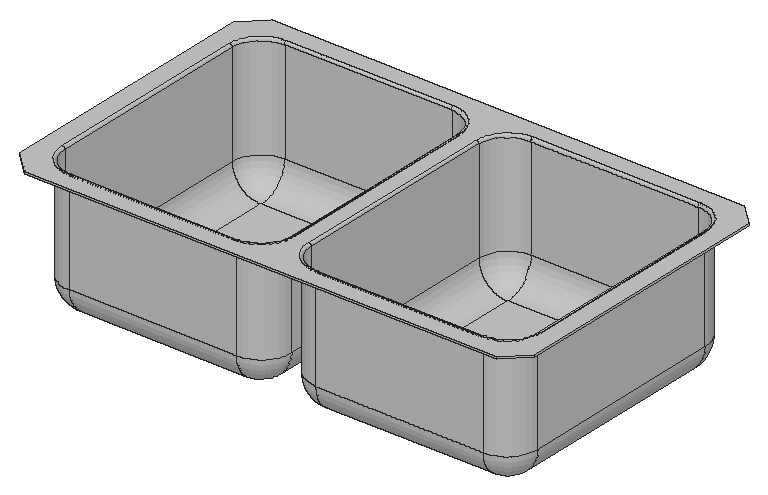
Revit family "Sink-Undermount-Acorn-DU-3118-80_Series", category Plumbing Fixtures, host Face, Revit 2019
Family settings
  Host = Face
  Round Connector Dimension = Use Diameter
  Part Type = Normal
  OmniClass Number = 23.45.05.14.14
  OmniClass Title = Sinks/Lavatories
  Cut with Voids When Loaded = No
  Shared = Yes
  Room Calculation Point = No
Parameters (values of type "DU-3118-80")
  Width = 30 3/4"  # constant formula
  Waste Connection = no
  WFU = 4  # constant formula
  Vent Connection = no
  URL = "https://www.acorneng.com/home"
  Type Comments = ""
  Product Page URL = ""
  Product Documentation Link = ""
  Model = "DU-3118-80"
  Material = "Stainless Steel-Acorn-Satin"  # constant formula
  Manufacturer = "Acorn"
  Length = 18 1/2"  # constant formula
  Installation Type = "Wall Mounted"
  Height = 8"
  HWFU = 3  # constant formula
  HW Connection = no
  Finish = Stainless Steel-Acorn-Satin
  Drain Opening Size = 3 1/2"
  Description = "Stainless Steel Undermount Sink"
  Default Elevation = 34"
  Creation Date = "23/12/2023"  # constant formula
  Compliance Certifications = "ASME A112.19.3/CSA B45.4, IAPMO® Certified"
  CWFU = 3  # constant formula
  CW Connection = no
  Bowl Width = 13 1/2"  # constant formula
  Bowl Length = 16"  # constant formula
  Assembly Code = "D2010440"
Reference planes (in)
  plane 1 "Center (Front/Back)": y = 0
  plane 2: z = 0
  plane 3 "Center (Left/Right)": x = 0
  plane 4: z = -8
  plane 5: z = 0
  plane 6: z = 0
  plane 7: z = 0
  plane 8: y = -18.5
  plane 9: y = -17.25
  plane 10: y = -1.25
  plane 11: y = -6.25
  plane 12: x = -7.375
  plane 13: x = 7.375
  plane 14: x = -15.375
  plane 15: x = 15.375
  plane 16: x = -14.125
  plane 17: x = -0.625
Forms (in)
  Extrusion 1, solid, material "Stainless Steel-Acorn-Satin" <- "Finish"
    sketch origin (-24.45094, 1.28976, -3.09717) x (1, 0, 0) y (0, 1, 0)
      loop
        circle (17.07594, -7.53976) r 1.75
      loop
        arc (12.07594, -4.22734) -> (12.03181, -4.24562) -> (12.01353, -4.28976) r 0.06242
        line (12.01353, -4.28976) -> (12.01353, -16.78976)
        arc (12.01353, -16.78976) -> (12.03181, -16.83389) -> (12.07594, -16.85218) r 0.06242
        line (12.07594, -16.85218) -> (22.07594, -16.85218)
        arc (22.07594, -16.85218) -> (22.12008, -16.83389) -> (22.13836, -16.78976) r 0.06242
        line (22.13836, -16.78976) -> (22.13836, -4.28976)
        arc (22.13836, -4.28976) -> (22.12008, -4.24562) -> (22.07594, -4.22734) r 0.06242
        line (22.07594, -4.22734) -> (12.07594, -4.22734)
    from -4.90302 to -4.84052
  Sweep 2, solid, material "Stainless Steel-Acorn-Satin" <- "Finish"
    path origin (-5.875, 0.4907, 0) x (1, 0, 0) y (0, 1, 0)
      loop
        line (-8.25, -3.4907) -> (-8.25, -15.9907)
        arc (-8.25, -15.9907) -> (-7.73744, -17.22814) -> (-6.5, -17.7407) r 1.75
        line (-6.5, -17.7407) -> (3.5, -17.7407)
        arc (3.5, -17.7407) -> (4.73744, -17.22814) -> (5.25, -15.9907) r 1.75
        line (5.25, -15.9907) -> (5.25, -3.4907)
        arc (5.25, -3.4907) -> (4.73744, -2.25326) -> (3.5, -1.7407) r 1.75
        line (3.5, -1.7407) -> (-6.5, -1.7407)
        arc (-6.5, -1.7407) -> (-7.73744, -2.25326) -> (-8.25, -3.4907) r 1.75
    profile origin (-14.125, -9.25, 0) x (1, 0, 0) y (0, 0, 1)
      loop
        line (-0.15271, 0) -> (-0.21339, 0) -> (-0.21339, -0.09698) -> (-0.11121, -0.09698)
        arc (-0.11121, -0.09698) -> (-0.07671, -0.11127) -> (-0.06242, -0.14578) r 0.0488
        line (-0.06242, -0.14578) -> (-0.06242, -6.25019)
        arc (-0.06242, -6.25019) -> (0.45015, -7.48762) -> (1.68758, -8.00019) r 1.75
        line (1.68758, -8.00019) -> (1.68758, -7.93769)
        arc (1.68758, -7.93769) -> (0.49434, -7.44343) -> (0.00008, -6.25019) r 1.6875
        line (0.00008, -6.25019) -> (0.00008, -0.15279)
        arc (0.00008, -0.15279) -> (-0.04467, -0.04475) -> (-0.15271, 0) r 0.15279
  Extrusion 3, solid, material "Stainless Steel-Acorn-Satin" <- "Finish"
    sketch origin (-5.875, 0.4907, -0.09698) x (1, 0, 0) y (0, 1, 0)
      loop
        line (-9.5, -1.7407) -> (-9.5, -17.7407) -> (-8.25, -18.9907) -> (20, -18.9907) -> (21.25, -17.7407) -> (21.25, -1.7407) -> (20, -0.4907) -> (-8.25, -0.4907) -> (-9.5, -1.7407)
      loop
        arc (-6.5, -1.52731) -> (-7.88833, -2.10238) -> (-8.46339, -3.4907) r 1.96339
        line (-8.46339, -3.4907) -> (-8.46339, -15.9907)
        arc (-8.46339, -15.9907) -> (-7.88833, -17.37903) -> (-6.5, -17.95409) r 1.96339
        line (-6.5, -17.95409) -> (3.5, -17.95409)
        arc (3.5, -17.95409) -> (4.88833, -17.37903) -> (5.46339, -15.9907) r 1.96339
        line (5.46339, -15.9907) -> (5.46339, -3.4907)
        arc (5.46339, -3.4907) -> (4.88833, -2.10238) -> (3.5, -1.52731) r 1.96339
        line (3.5, -1.52731) -> (-6.5, -1.52731)
      loop
        arc (18.25, -17.95409) -> (19.63833, -17.37903) -> (20.21339, -15.9907) r 1.96339
        line (20.21339, -15.9907) -> (20.21339, -3.4907)
        arc (20.21339, -3.4907) -> (19.63833, -2.10238) -> (18.25, -1.52731) r 1.96339
        line (18.25, -1.52731) -> (8.25, -1.52731)
        arc (8.25, -1.52731) -> (6.86167, -2.10238) -> (6.28661, -3.4907) r 1.96339
        line (6.28661, -3.4907) -> (6.28661, -15.9907)
        arc (6.28661, -15.9907) -> (6.86167, -17.37903) -> (8.25, -17.95409) r 1.96339
        line (8.25, -17.95409) -> (18.25, -17.95409)
    from 0 to 0.09698
  Extrusion 4, void
    sketch origin (-2.25, 0.2407, 0) x (1, 0, 0) y (0, 1, 0)
      loop
        line (-11.875, -0.2407) -> (-13.125, -1.4907) -> (-13.125, -17.4907) -> (-11.875, -18.7407) -> (16.375, -18.7407) -> (17.625, -17.4907) -> (17.625, -1.4907) -> (16.375, -0.2407) -> (-11.875, -0.2407)
    from -9.39189 to 0
  Extrusion 5, solid, material "Stainless Steel-Acorn-Satin" <- "Finish"
    sketch origin (24.45094, 1.28976, -3.09717) x (-1, 0, 0) y (0, -1, 0)
      loop
        circle (17.07594, 7.53976) r 1.75
      loop
        line (12.07594, 4.22734) -> (22.07594, 4.22734)
        arc (22.07594, 4.22734) -> (22.12008, 4.24562) -> (22.13836, 4.28976) r 0.06242
        line (22.13836, 4.28976) -> (22.13836, 16.78976)
        arc (22.13836, 16.78976) -> (22.12008, 16.83389) -> (22.07594, 16.85218) r 0.06242
        line (22.07594, 16.85218) -> (12.07594, 16.85218)
        arc (12.07594, 16.85218) -> (12.03181, 16.83389) -> (12.01353, 16.78976) r 0.06242
        line (12.01353, 16.78976) -> (12.01353, 4.28976)
        arc (12.01353, 4.28976) -> (12.03181, 4.24562) -> (12.07594, 4.22734) r 0.06242
    from -4.90302 to -4.84052
  Sweep 6, solid, material "Stainless Steel-Acorn-Satin" <- "Finish"
    path origin (5.875, 0.4907, 0) x (-1, 0, 0) y (0, -1, 0)
      loop
        arc (-8.25, 3.4907) -> (-7.73744, 2.25326) -> (-6.5, 1.7407) r 1.75
        line (-6.5, 1.7407) -> (3.5, 1.7407)
        arc (3.5, 1.7407) -> (4.73744, 2.25326) -> (5.25, 3.4907) r 1.75
        line (5.25, 3.4907) -> (5.25, 15.9907)
        arc (5.25, 15.9907) -> (4.73744, 17.22814) -> (3.5, 17.7407) r 1.75
        line (3.5, 17.7407) -> (-6.5, 17.7407)
        arc (-6.5, 17.7407) -> (-7.73744, 17.22814) -> (-8.25, 15.9907) r 1.75
        line (-8.25, 15.9907) -> (-8.25, 3.4907)
    profile origin (14.125, -9.25, 0) x (1, 0, 0) y (0, 0, 1)
      loop
        arc (0.15271, 0) -> (0.04467, -0.04475) -> (-0.00008, -0.15279) r 0.15279
        line (-0.00008, -0.15279) -> (-0.00008, -6.25019)
        arc (-0.00008, -6.25019) -> (-0.49434, -7.44343) -> (-1.68758, -7.93769) r 1.6875
        line (-1.68758, -7.93769) -> (-1.68758, -8.00019)
        arc (-1.68758, -8.00019) -> (-0.45015, -7.48762) -> (0.06242, -6.25019) r 1.75
        line (0.06242, -6.25019) -> (0.06242, -0.14578)
        arc (0.06242, -0.14578) -> (0.07671, -0.11127) -> (0.11121, -0.09698) r 0.0488
        line (0.11121, -0.09698) -> (0.21339, -0.09698) -> (0.21339, 0) -> (0.15271, 0)
Cuts and joins
  joined: Extrusion 1, Sweep 2, Extrusion 3, Extrusion 5, Sweep 6
Dimensions and locks (in)
  host face to plane 4 = 8"
  "Length": plane 8 to plane 1 "Center (Front/Back)"
  plane 9 to plane 8 = 1 1/4"
  "Bowl Length": plane 10 to plane 9
  plane 10 to plane 11 = 5"
  plane 12 to plane 13 = 14 3/4"
  plane 14 to plane 12 = 8"
  plane 13 to plane 15 = 8"
  "Width": plane 14 to plane 15
  "Bowl Width": plane 16 to plane 17
  aligned and locked: host face to plane 2
  aligned and locked: host face to level
  aligned and locked: plane 11 to Extrusion 1 sketch curve
  aligned and locked: level to Extrusion 4
  aligned and locked: plane 12 to Extrusion 1 sketch curve
Automatic sketch dimensions
  host sketch curve to host sketch curve = 161.60125"
  host sketch curve to host sketch curve = 96"
  plane 16 to Extrusion 1 sketch curve = 1 3/4"  (x2)
  Extrusion 1 sketch curve to Extrusion 1 sketch curve = 0.06242"  (x2)
  plane 17 to Extrusion 1 sketch curve = 1 3/4"  (x2)
  plane 9 to Extrusion 1 sketch curve = 1 3/4"
  Extrusion 1 sketch curve to plane 10 = 1 3/4"
  Sweep 2 sketch curve to plane 16 = 0"
  Sweep 2 sketch curve to plane 10 = 0"
  Sweep 2 sketch curve to plane 9 = 0"
  Sweep 2 sketch curve to plane 17 = 0"
  Sweep 2 sketch curve to Sweep 2 sketch curve = 1 3/4"
  plane 16 to Sweep 2 sketch curve = 1 3/4"
  plane 17 to Sweep 2 sketch curve = 1 3/4"
  Sweep 2 sketch curve to plane 10 = 1 3/4"
  Sweep 2 sketch curve to Sweep 2 sketch curve = 0"  (x2)
  Sweep 2 sketch curve to profile plane = 0"
  profile plane to Sweep 2 sketch curve = 0.21339"
  Sweep 2 sketch curve to Sweep 2 sketch curve = 0.06068"
  Sweep 2 sketch curve to Sweep 2 sketch curve = 0.0415"
  profile plane to Sweep 2 sketch curve = 0.06242"
  Sweep 2 sketch curve to profile plane = 0.00008"
  Sweep 2 sketch curve to Sweep 2 sketch curve = 1 11/16"
  Sweep 2 sketch curve to profile plane = 6.25019"
  Sweep 2 sketch curve to Sweep 2 sketch curve = 0.00701"
  Extrusion 3 sketch curve to plane 9 = 0"  (x2)
  Extrusion 3 sketch curve to plane 14 = 0"
  Extrusion 3 sketch curve to plane 8 = 0"
  Extrusion 3 sketch curve to plane 16 = 0"  (x2)
  plane 1 "Center (Front/Back)" to Extrusion 3 sketch curve = 0"
  Extrusion 3 sketch curve to plane 15 = 0"
  Extrusion 3 sketch curve to plane 10 = 0"  (x2)
  Extrusion 3 sketch curve to plane 16 = 0.21339"
  plane 10 to Extrusion 3 sketch curve = 0.21339"
  plane 16 to Extrusion 3 sketch curve = 1 3/4"  (x2)
  Extrusion 3 sketch curve to plane 9 = 0.21339"  (x2)
  Extrusion 3 sketch curve to plane 15 = 3"
  Extrusion 3 sketch curve to plane 15 = 1 1/4"  (x2)
  Extrusion 3 sketch curve to plane 15 = 1.03661"
  Extrusion 4 sketch curve to plane 9 = 0"  (x2)
  Extrusion 4 sketch curve to plane 14 = 0"
  Extrusion 4 sketch curve to plane 8 = 0"
  Extrusion 4 sketch curve to plane 16 = 0"  (x2)
  plane 1 "Center (Front/Back)" to Extrusion 4 sketch curve = 0"
  Extrusion 4 sketch curve to plane 15 = 0"
  Extrusion 4 sketch curve to plane 10 = 0"  (x2)
  Extrusion 4 sketch curve to plane 15 = 1 1/4"  (x2)
  Extrusion 5 sketch curve to plane 11 = 0"
  Extrusion 5 sketch curve to plane 13 = 0"
  Extrusion 5 sketch curve to plane 15 = 3"  (x2)
  Extrusion 5 sketch curve to Extrusion 5 sketch curve = 0.06242"  (x2)
  plane 3 "Center (Left/Right)" to Extrusion 5 sketch curve = 2 3/8"  (x2)
  Extrusion 5 sketch curve to plane 10 = 1 3/4"
  plane 9 to Extrusion 5 sketch curve = 1 3/4"
  Sweep 6 sketch curve to plane 10 = 0"
  Sweep 6 sketch curve to plane 9 = 0"
  Sweep 6 sketch curve to plane 15 = 1 1/4"
  Sweep 6 sketch curve to Sweep 6 sketch curve = 1 3/4"  (x2)
  plane 3 "Center (Left/Right)" to Sweep 6 sketch curve = 2 3/8"  (x2)
  plane 3 "Center (Left/Right)" to Sweep 6 sketch curve = 5/8"
  Sweep 6 sketch curve to Sweep 6 sketch curve = 0"  (x2)
  Sweep 6 sketch curve to profile plane = 0"
  profile plane to Sweep 6 sketch curve = 1.68758"
  profile plane to Sweep 6 sketch curve = 0.00008"
  Sweep 6 sketch curve to profile plane = 0.06242"
  Sweep 6 sketch curve to Sweep 6 sketch curve = 0.0488"
  Sweep 6 sketch curve to Sweep 6 sketch curve = 0.0415"
  Sweep 6 sketch curve to Sweep 6 sketch curve = 0.06068"
  Sweep 6 sketch curve to profile plane = 6.25019"
  Sweep 6 sketch curve to Sweep 6 sketch curve = 0.00701"
  plane 17 to Extrusion 3 sketch curve = 1 3/4"  (x2)
  plane 3 "Center (Left/Right)" to Extrusion 3 sketch curve = 0.41161"
  plane 9 to Extrusion 3 sketch curve = 1 3/4"
  Extrusion 3 sketch curve to Extrusion 3 sketch curve = 0"
  Extrusion 3 sketch curve to plane 17 = 0.21339"
  Extrusion 3 sketch curve to Extrusion 3 sketch curve = 1.96339"
  Extrusion 3 sketch curve to plane 10 = 1 3/4"
  radius of Extrusion 1 sketch curve = 1 3/4"
  radius of Extrusion 5 sketch curve = 1 3/4"
